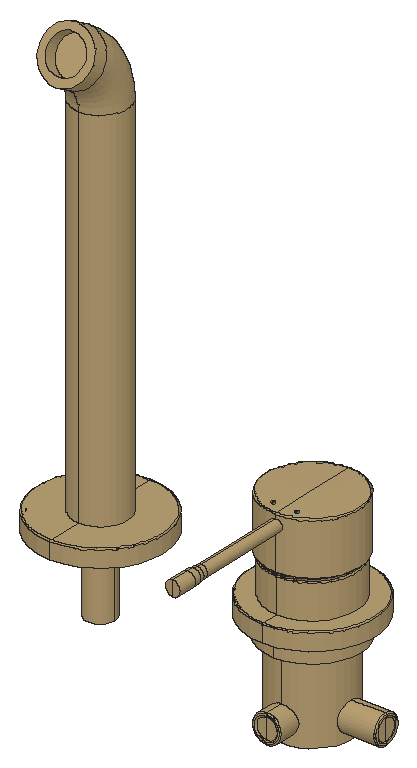
Revit family "Reece_Tap_Grohe_Essence New_Basin Mixer_Set_230mm", category Plumbing Fixtures, host Face, Revit 2018
Family settings
  Host = Face
  Round Connector Dimension = Use Diameter
  Part Type = Normal
  Cut with Voids When Loaded = No
  Shared = Yes
  Room Calculation Point = Yes
Parameters (values of type "Brushed Cool Sunrise")
  WFU = 0  # constant formula
  URL = "https://www.reece.com.au/product/-9509064"
  Type Comments = "Tap"
  Reece_Tap_Reach = 230 mm  # constant formula
  Reece_Tap_Inlet = 12 mm  # constant formula
  Reece_Stand_Baseplate_Radius = 32.5 mm  # constant formula
  Reece_Product_Type = "Tap"  # constant formula
  Reece_Product_Sub Brand = "Essence New"  # constant formula
  Reece_Product_Number = "9509064"
  Reece_Product_Mount = "Wall Mounted"
  Reece_Product_Description = "Grohe Essence New Wall Basin Mixer Tap Set 230mm Brushed Cool Sunrise (5 Star)"
  Reece_Product_Brand = "Grohe"  # constant formula
  Reece_Product_Web Page = "https://www.reece.com.au/product/-9509064"
  Reece_Overall_Width = 175 mm  # constant formula
  Reece_Overall_Projection = 233 mm  # constant formula
  Reece_Material_Tap_Hot = Render_Hot_Water_Cap
  Reece_Material_Tap_Cold = Render_Cold_Water_Cap
  Reece_Material-Main = Reece_Metal_Brushed_Cool Sunrise
  Reece_Detail_Shape = ""
  Reece_Detail_Installation = "Basin Mixer"  # constant formula
  Reece_Detail_Disclaimer = "THIS FILE IS THE PROPERTY OF THE REECE GROUP. IT MAY NOT BE REPRODUCED, REVERSE-ENGINEERED OR MODIFIED. ANY REPUBLICATION, TRANSMISSION OR DISTRIBUTION FOR THE PURPOSE OF COMMERCIALLY EXPLOITING THE FILES IS PROHIBITED."  # constant formula
  Reece_Detail_Connector = ""
  Reece_Detail_Additional = "Wall Mounted"  # constant formula
  Model = "Essence New"
  Manufacturer = "Grohe"
  Keynote = "Product #9509064, Reece_Tap_Grohe_Essence New_Basin Mixer_Set_230mm - Brushed Cool Sunrise"
  HWFU = 0  # constant formula
  Disclaimer = "THIS FILE IS THE PROPERTY OF THE REECE GROUP. IT MAY NOT BE REPRODUCED, REVERSE-ENGINEERED OR MODIFIED. ANY REPUBLICATION, TRANSMISSION OR DISTRIBUTION FOR THE PURPOSE OF COMMERCIALLY EXPLOITING THE FILES IS PROHIBITED."  # constant formula
  Description = "Grohe Essence New Wall Basin Mixer Tap Set 230mm Brushed Cool Sunrise (5 Star)"
  Default Elevation = 1000 mm
  CWFU = 0  # constant formula
Types (5, lengths in mm): name | URL | Reece_Product_Number | Reece_Product_Description | Reece_Product_Web Page | Reece_Material-Main | Keynote | Description
  (no name) | "https://www.reece.com.au/product/-9509064" | "9509064" | "Grohe Essence New Wall Basin Mixer Tap Set 230mm Brushed Cool Sunrise (5 Star)" | "https://www.reece.com.au/product/-9509064" | Reece_Metal_Brushed_Cool Sunrise | "Product #9509064, Reece_Tap_Grohe_Essence New_Basin Mixer_Set_230mm -  " | "Grohe Essence New Wall Basin Mixer Tap Set 230mm Brushed Cool Sunrise (5 Star)"
  Chrome | "https://www.reece.com.au/product/-9506903" | "9506903" | "Grohe Essence New Wall Basin Mixer Tap Set 230mm Chrome (5 Star)" | "https://www.reece.com.au/product/-9506903" | Reece_Brass_Chrome | "Product #9506903, Reece_Tap_Grohe_Essence New_Basin Mixer_Set_230mm - Chrome" | "Grohe Essence New Wall Basin Mixer Tap Set 230mm Chrome (5 Star)"
  Hard Graphite | "https://www.reece.com.au/product/-9509063" | "9509063" | "Grohe Essence New Wall Basin Mixer Tap Set 230mm Hard Graphite (5 Star)" | "https://www.reece.com.au/product/-9509063" | Reece_Metal_Hard Graphite | "Product #9509063, Reece_Tap_Grohe_Essence New_Basin Mixer_Set_230mm - Hard Graphite" | "Grohe Essence New Wall Basin Mixer Tap Set 230mm Hard Graphite (5 Star)"
  Brushed Nickel | "https://www.reece.com.au/product/-9509062" | "9509062" | "Grohe Essence New Wall Basin Mixer Tap Set 230mm Brushed Nickel (5 Star)" | "https://www.reece.com.au/product/-9509062" | Reece_Brass_Brushed Nickel | "Product #9509062, Reece_Tap_Grohe_Essence New_Basin Mixer_Set_230mm - Brushed Nickel" | "Grohe Essence New Wall Basin Mixer Tap Set 230mm Brushed Nickel (5 Star)"
  Brushed Cool Sunrise | "https://www.reece.com.au/product/-9509064" | "9509064" | "Grohe Essence New Wall Basin Mixer Tap Set 230mm Brushed Cool Sunrise (5 Star)" | "https://www.reece.com.au/product/-9509064" | Reece_Metal_Brushed_Cool Sunrise | "Product #9509064, Reece_Tap_Grohe_Essence New_Basin Mixer_Set_230mm - Brushed Cool Sunrise" | "Grohe Essence New Wall Basin Mixer Tap Set 230mm Brushed Cool Sunrise (5 Star)"
Reference planes
  plane 1 "Center (Front/Back)": y = 0
  plane 2: z = 0
  plane 3 "Center (Left/Right)": x = 0
  plane 4: z = 230
  plane 5: x = -55
  plane 6: x = 55
  plane 7: y = -35.7
  plane 8: y = -90.5
  plane 9: x = -87.5
  plane 10: x = 87.5
  plane 11: z = 233
  plane 12: through (0, -16.269, 226.089) normal (0, 0.5, 0.866)
Forms (mm)
  Revolve 1, solid, material "Reece_Metal_Brushed_Cool Sunrise" <- "Reece_Material-Main"
    sketch origin (-55, 0, 23) x (0, 1, 0) y (0, 0, 1)
      loop
        line (12, -14) -> (12, -16) -> (30.456, -16) -> (30.456, -23) -> (32.5, -23) -> (32.5, -14.512)
        arc (32.5, -14.512) -> (32.35, -14.15) -> (31.988, -14) r 0.512
        line (31.988, -14) -> (12, -14)
      axis (0, -14) -> (0, -23)
    angle from 0 to 360
  Sweep 2, solid, material "Reece_Metal_Brushed_Cool Sunrise" <- "Reece_Material-Main"
    path origin (-55, 0, 0) x (0, 1, 0) y (0, 0, 1)
      loop
        line (0, 0) -> (0, 199.948)
        arc (0, 199.948) -> (-4.019, 214.948) -> (-15, 225.929) r 30
        line (-15, 225.929) -> (-22.051, 230)
    profile origin (-55, 0, 99.974) x (0, -1, 0) y (1, 0, 0)
      loop
        circle (0, 0) r 14
      loop
        circle (0, 0) r 10
  Extrusion 3, solid, material "Reece_Metal_Brushed_Cool Sunrise" <- "Reece_Material-Main"
    sketch origin (-55, -20.656, 229.382) x (1, 0, 0) y (0, 0.529919, 0.848048)
      loop
        arc (0, -11) -> (10.997, -0.248) -> (0.495, 10.989) r 11
        arc (0.495, 10.989) -> (-10.997, 0.248) -> (0, -11) r 11
    from -10 to -5.44
  Revolve 4, void
    sketch origin (-55, 0, 39.453) x (0, 1, 0) y (0, 0, 1)
      loop
        line (-20, -39.453) -> (-20, -95.011) -> (0, -95.011) -> (0, -39.453) -> (-20, -39.453)
      axis (0, -39.453) -> (0, -95.011)
    angle from 0 to 360
  Revolve 5, solid, material "Reece_Metal_Brushed_Cool Sunrise" <- "Reece_Material-Main"
    sketch origin (55, 0, 23) x (0, 1, 0) y (0, 0, -1)
      loop
        line (12, 14) -> (31.988, 14)
        arc (31.988, 14) -> (32.35, 14.15) -> (32.5, 14.512) r 0.512
        line (32.5, 14.512) -> (32.5, 23) -> (30.456, 23) -> (30.456, 16) -> (12, 16) -> (12, 14)
      axis (0, 14) -> (0, 23)
    angle from 0 to 360
  Revolve 6, void
    sketch origin (55, 0, 39.453) x (0, 1, 0) y (0, 0, -1)
      loop
        line (-25, 39.453) -> (0, 39.453) -> (0, 96.191) -> (-25, 96.191) -> (-25, 39.453)
      axis (0, 39.453) -> (0, 96.191)
    angle from 0 to 360
  Revolve 7, solid, material "Reece_Metal_Brushed_Cool Sunrise" <- "Reece_Material-Main"
    sketch origin (55, -2.334, -116) x (0, 1, 0) y (0, 0, 1)
      loop
        arc (2.5, 173) -> (-9.308, 172.91) -> (-21.109, 172.514) r 455.117
        arc (-21.109, 172.514) -> (-21.504, 172.334) -> (-21.666, 171.931) r 0.584
        line (-21.666, 171.931) -> (-21.666, 145.342) -> (-20.068, 145.342) -> (-20.166, 146.19) -> (-20.166, 149.9) -> (2.5, 149.9) -> (2.5, 173)
      axis (2.5, 173) -> (2.5, 145.342)
    angle from 0 to 360
  Revolve 8, solid, material "Reece_Metal_Brushed_Cool Sunrise" <- "Reece_Material-Main"
    sketch origin (55, -276.273, 243.721) x (0, -0.990268, -0.139173) y (0, 0.139173, -0.990268)
      loop
        arc (-166.132, 222.142) -> (-167.895, 222.331) -> (-169.667, 222.404) r 27.035
        line (-169.667, 222.404) -> (-172.075, 222.424)
        arc (-172.075, 222.424) -> (-173.404, 222.479) -> (-174.726, 222.621) r 20.282
        line (-174.726, 222.621) -> (-225.984, 229.825) -> (-226.423, 226.698) -> (-157.108, 216.956) -> (-156.568, 220.798) -> (-166.132, 222.142)
      axis (-157.108, 216.956) -> (-226.423, 226.698)
    angle from 0 to 360
  Revolve 9, solid, material "Render_Hot_Water_Cap" <- "Reece_Material_Tap_Hot"
    sketch origin (48.869, -97.842, 42.485) x (0, 0.053171, -0.998585) y (0, -0.998585, -0.053171)
      loop
        line (-9.096, -80.7) -> (-10.011, -80.7) -> (-10.011, -81.5) -> (-9.096, -81.5) -> (-9.096, -80.7)
      axis (-9.096, -80.7) -> (-10.096, -80.7)
    angle from 0 to 360
  Revolve 10, solid, material "Render_Cold_Water_Cap" <- "Reece_Material_Tap_Cold"
    sketch origin (61.131, -97.842, 42.485) x (0, 0.053171, -0.998585) y (0, 0.998585, 0.053171)
      loop
        line (-9.096, 80.7) -> (-9.096, 81.5) -> (-10.011, 81.5) -> (-10.011, 80.7) -> (-9.096, 80.7)
      axis (-9.096, 80.7) -> (-10.096, 80.7)
    angle from 0 to 360
  Revolve 11, solid, material "Reece_Metal_Brushed_Cool Sunrise" <- "Reece_Material-Main"
    sketch origin (55, 0, -2.659) x (0, 1, 0) y (0, 0, 1)
      loop
        line (-21.5, 7) -> (0, 7) -> (0, 35.659) -> (-15.05, 35.659) -> (-15.05, 39.49)
        arc (-15.05, 39.49) -> (-19.066, 35.246) -> (-22.489, 30.511) r 44.331
        arc (-22.489, 30.511) -> (-22.519, 30.098) -> (-22.196, 29.842) r 0.442
        line (-22.196, 29.842) -> (-21.215, 29.659) -> (-22.476, 29.659)
        arc (-22.476, 29.659) -> (-22.846, 29.506) -> (-23, 29.135) r 0.524
        line (-23, 29.135) -> (-23, 4.5) -> (-21.5, 4.5) -> (-21.5, 7)
      axis (0, 39.49) -> (0, 4.5)
    angle from 0 to 360
  Revolve 12, solid, material "Reece_Metal_Brushed_Cool Sunrise" <- "Reece_Material-Main"
    sketch origin (0, 0, 0) x (1, 0, 0) y (0, 0, 1)
      loop
        line (-69, 0) -> (-69, -4.147)
        arc (-69, -4.147) -> (-68.567, -5.192) -> (-67.522, -5.625) r 1.478
        line (-67.522, -5.625) -> (-62.5, -5.625) -> (-62.5, -40.018) -> (-55, -40.018) -> (-55, 0) -> (-69, 0)
      axis (-55, 0) -> (-55, -40.018)
    angle from 0 to 360
  Revolve 13, solid, material "Reece_Metal_Brushed_Cool Sunrise" <- "Reece_Material-Main"
    sketch origin (55, 118.077, 1219.2) x (0, 1, 0) y (0, 0, 1)
      loop
        line (-118.077, -1219.2) -> (-143.077, -1219.2) -> (-143.077, -1229.2) -> (-138.077, -1229.2) -> (-138.077, -1271.2) -> (-118.077, -1271.2) -> (-118.077, -1219.2)
      axis (-118.077, -1271.2) -> (-118.077, -1219.2)
    angle from 0 to 360
  Revolve 14, solid, material "Reece_Metal_Brushed_Cool Sunrise" <- "Reece_Material-Main"
    sketch origin (55, 0, -15) x (1, 0, 0) y (0, 0, 1)
      loop
        line (0, -26) -> (37.912, -26) -> (37.912, -20.608) -> (38.5, -20.019) -> (38.5, -19.088) -> (37.912, -18.5) -> (0, -18.5) -> (0, -26)
      axis (0, -26) -> (38.5, -26)
    angle from 0 to 360
  Revolve 15, solid, material "Reece_Metal_Brushed_Cool Sunrise" <- "Reece_Material-Main"
    sketch origin (55, -118.125, 1209.067) x (0, -1, 0) y (0, 0, -1)
      loop
        line (-118.077, 1250.2) -> (-118.077, 1242.7) -> (-88.666, 1242.7) -> (-88.077, 1243.288) -> (-88.077, 1244.219) -> (-88.666, 1244.808) -> (-88.666, 1250.2) -> (-118.077, 1250.2)
      axis (-118.077, 1250.2) -> (-88.077, 1250.2)
    angle from 0 to 360
Cuts and joins
  Revolve 6 cuts Sweep 2
  joined: Revolve 1, Sweep 2, Extrusion 3, Revolve 5, Revolve 7, Revolve 8, Revolve 11
  joined: Revolve 12, Revolve 13, Revolve 14, Revolve 15
Text (mm)
  text "Reece Copyright © 2018, Reece Ltd." at (-417.6, -291.306, 0), in view "Ref. Level"
  text "Reece ©" at (-7.653, 198.338, 183.77), in view "Reece Preview"
Dimensions and locks
  "Reece_Tap_Reach": plane 4 to host face
  plane 5 to plane 3 "Center (Left/Right)" = 55 mm
  "Reece_Stand_Baseplate_Radius": Revolve 1 sketch curve to Revolve 1 sketch curve
  Revolve 4 sketch curve to Revolve 4 sketch curve = 20 mm
  "Reece_Stand_Baseplate_Radius": Revolve 5 sketch curve to Revolve 5 sketch curve
  Revolve 6 sketch curve to Revolve 6 sketch curve = 25 mm
  locked: plane 7 to plane 8 at 54.8
  plane 5 to plane 6 = 110 mm
  "Reece_Overall_Width": plane 9 to plane 10
  "Reece_Overall_Projection": plane 11 to level
  angle plane 4 to plane 12 = 30.00°
  aligned and locked: plane 2 to host face
  aligned and locked: level to host face
  aligned and locked: Revolve 4 sketch curve to Revolve 4 sketch curve
  aligned and locked: Revolve 6 sketch curve to Revolve 6 sketch curve
  aligned and locked: Revolve 7 sketch curve to Revolve 7 sketch curve
Automatic sketch dimensions
  host sketch curve to host sketch curve = 481.758 mm
  host sketch curve to host sketch curve = 479.681 mm
  Sweep 2 sketch curve to plane 4 = 0 mm
  Sweep 2 sketch curve to plane 1 "Center (Front/Back)" = 0 mm
  Sweep 2 sketch curve to level = 0 mm
  Sweep 2 sketch curve to plane 4 = 4.071 mm
  plane 1 "Center (Front/Back)" to Sweep 2 sketch curve = 15 mm
  plane 1 "Center (Front/Back)" to Sweep 2 sketch curve = 30 mm
  Sweep 2 sketch curve to Sweep 2 sketch curve = 7.051 mm
  Sweep 2 sketch curve to Sweep 2 sketch curve = 0 mm  (x2)
  Sweep 2 sketch curve to profile plane = 0 mm  (x2)
  Revolve 4 sketch curve to level = 0 mm
  Revolve 4 sketch curve to plane 1 "Center (Front/Back)" = 0 mm
  Revolve 4 sketch curve to Revolve 4 sketch curve = 55.557 mm
  Revolve 4 sketch curve to Revolve 4 sketch curve = 245.799 mm
  plane 4 to Revolve 4 sketch curve = 1953.707 mm
  plane 1 "Center (Front/Back)" to Revolve 7 sketch curve = 24 mm
  Revolve 7 sketch curve to Revolve 7 sketch curve = 0.584 mm
  Revolve 7 sketch curve to Revolve 7 sketch curve = 1.5 mm
  Revolve 7 sketch curve to Revolve 7 sketch curve = 0.098 mm
  plane 1 "Center (Front/Back)" to Revolve 7 sketch curve = 2.279 mm
  Revolve 7 sketch curve to plane 1 "Center (Front/Back)" = 0.166 mm
  Revolve 7 sketch curve to level = 398.11 mm
  level to Revolve 7 sketch curve = 29.342 mm
  Revolve 7 sketch curve to Revolve 7 sketch curve = 0.848 mm
  Revolve 7 sketch curve to Revolve 7 sketch curve = 3.71 mm
  Revolve 7 sketch curve to Revolve 7 sketch curve = 22.031 mm
  Revolve 7 sketch curve to Revolve 7 sketch curve = 23.1 mm
  Revolve 7 sketch curve to Revolve 7 sketch curve = 58.7 mm
  plane 4 to Revolve 7 sketch curve = 2013.364 mm
  Revolve 8 sketch curve to plane 8 = 0 mm  (x2)
  plane 7 to Revolve 8 sketch curve = 15.196 mm
  level to Revolve 8 sketch curve = 50.742 mm
  Revolve 8 sketch curve to Revolve 8 sketch curve = 0.439 mm
  Revolve 8 sketch curve to Revolve 8 sketch curve = 17.619 mm
  Revolve 8 sketch curve to Revolve 8 sketch curve = 2.652 mm
  Revolve 8 sketch curve to Revolve 8 sketch curve = 2.823 mm
  Revolve 8 sketch curve to Revolve 8 sketch curve = 12.787 mm
  Revolve 8 sketch curve to Revolve 8 sketch curve = 2.408 mm
  Revolve 8 sketch curve to Revolve 8 sketch curve = 8.117 mm
  Revolve 8 sketch curve to Revolve 8 sketch curve = 82.121 mm
  Revolve 8 sketch curve to Revolve 8 sketch curve = 11.541 mm
  Revolve 8 sketch curve to Revolve 8 sketch curve = 1.141 mm
  plane 1 "Center (Front/Back)" to Revolve 9 sketch curve = 16.989 mm
  level to Revolve 9 sketch curve = 56.815 mm
  Revolve 9 sketch curve to Revolve 9 sketch curve = 0.915 mm
  Revolve 9 sketch curve to Revolve 9 sketch curve = 0.8 mm
  Revolve 9 sketch curve to Revolve 9 sketch curve = 5.008 mm
  Revolve 9 sketch curve to Revolve 9 sketch curve = 6.185 mm
  Revolve 9 sketch curve to Revolve 9 sketch curve = 0 mm
  plane 1 "Center (Front/Back)" to Revolve 10 sketch curve = 16.989 mm
  level to Revolve 10 sketch curve = 56.815 mm
  Revolve 10 sketch curve to Revolve 10 sketch curve = 0.915 mm
  Revolve 10 sketch curve to Revolve 10 sketch curve = 0.8 mm
  Revolve 10 sketch curve to Revolve 10 sketch curve = 5.008 mm
  Revolve 10 sketch curve to Revolve 10 sketch curve = 6.185 mm
  Revolve 10 sketch curve to Revolve 10 sketch curve = 0 mm
  Revolve 11 sketch curve to plane 1 "Center (Front/Back)" = 0 mm  (x2)
  plane 1 "Center (Front/Back)" to Revolve 11 sketch curve = 15.05 mm
  Revolve 11 sketch curve to Revolve 11 sketch curve = 6.165 mm
  level to Revolve 11 sketch curve = 4.341 mm
  plane 1 "Center (Front/Back)" to Revolve 11 sketch curve = 21.5 mm
  Revolve 11 sketch curve to Revolve 11 sketch curve = 0.9 mm
  Revolve 11 sketch curve to Revolve 11 sketch curve = 0.081 mm
  Revolve 11 sketch curve to Revolve 11 sketch curve = 0.28 mm
  Revolve 11 sketch curve to Revolve 11 sketch curve = 1.5 mm
  level to Revolve 11 sketch curve = 4.304 mm
  Revolve 11 sketch curve to plane 1 "Center (Front/Back)" = 15.071 mm
  level to Revolve 11 sketch curve = 1.841 mm
  Revolve 11 sketch curve to Revolve 11 sketch curve = 22.135 mm
  Revolve 11 sketch curve to Revolve 11 sketch curve = 0 mm
  Revolve 11 sketch curve to Revolve 11 sketch curve = 0.182 mm
  Revolve 11 sketch curve to Revolve 11 sketch curve = 6 mm
  Revolve 11 sketch curve to Revolve 11 sketch curve = 3.83 mm
  Revolve 11 sketch curve to level = 343.469 mm
  plane 4 to Revolve 11 sketch curve = 2177.711 mm
  Revolve 6 sketch curve to level = 0 mm
  Revolve 6 sketch curve to plane 1 "Center (Front/Back)" = 0 mm
  Revolve 6 sketch curve to level = 56.738 mm
  plane 4 to Revolve 6 sketch curve = 1953.707 mm
  Revolve 6 sketch curve to Revolve 6 sketch curve = 244.619 mm
  Revolve 12 sketch curve to level = 0 mm
  Revolve 12 sketch curve to plane 5 = 0 mm  (x2)
  Revolve 12 sketch curve to plane 5 = 7.5 mm
  Revolve 12 sketch curve to Revolve 12 sketch curve = 5.022 mm
  Revolve 12 sketch curve to Revolve 12 sketch curve = 1.478 mm
  Revolve 12 sketch curve to level = 4.147 mm
  Revolve 12 sketch curve to Revolve 12 sketch curve = 34.393 mm
  Revolve 12 sketch curve to Revolve 12 sketch curve = 20.815 mm
  Revolve 12 sketch curve to Revolve 12 sketch curve = 16.573 mm
  Revolve 13 sketch curve to level = 0 mm
  Revolve 13 sketch curve to plane 1 "Center (Front/Back)" = 0 mm  (x2)
  plane 1 "Center (Front/Back)" to Revolve 13 sketch curve = 20 mm
  Revolve 13 sketch curve to Revolve 13 sketch curve = 5 mm
  Revolve 13 sketch curve to Revolve 13 sketch curve = 10 mm
  Revolve 13 sketch curve to Revolve 13 sketch curve = 42 mm
  Revolve 13 sketch curve to Revolve 13 sketch curve = 38 mm
  level to Revolve 13 sketch curve = 90.071 mm
  plane 6 to Revolve 14 sketch curve = 0 mm  (x2)
  Revolve 14 sketch curve to plane 6 = 37.912 mm
  Revolve 14 sketch curve to Revolve 14 sketch curve = 0 mm  (x2)
  Revolve 14 sketch curve to Revolve 14 sketch curve = 0.588 mm  (x2)
  Revolve 14 sketch curve to level = 41 mm
  Revolve 14 sketch curve to Revolve 14 sketch curve = 5.392 mm
  Revolve 14 sketch curve to Revolve 14 sketch curve = 0.931 mm
  Revolve 14 sketch curve to Revolve 14 sketch curve = 7.5 mm
  Revolve 14 sketch curve to Revolve 14 sketch curve = 12 mm
  plane 1 "Center (Front/Back)" to Revolve 15 sketch curve = 0.047 mm
  Revolve 15 sketch curve to Revolve 15 sketch curve = 29.412 mm
  Revolve 15 sketch curve to Revolve 15 sketch curve = 0 mm  (x3)
  Revolve 15 sketch curve to Revolve 15 sketch curve = 0.588 mm  (x3)
  Revolve 15 sketch curve to level = 33.633 mm
  Revolve 15 sketch curve to Revolve 15 sketch curve = 0.931 mm
  Revolve 15 sketch curve to Revolve 15 sketch curve = 7.5 mm
  Revolve 15 sketch curve to Revolve 15 sketch curve = 3.5 mm
  Extrusion 3 sketch curve to plane 5 = 0 mm
  Extrusion 3 sketch curve to Extrusion 3 sketch curve = 11 mm
  plane 5 to Extrusion 3 sketch curve = 0.495 mm
  Extrusion 3 sketch curve to Extrusion 3 sketch curve = 0 mm
  Revolve 1 sketch curve to plane 1 "Center (Front/Back)" = 0 mm
  Revolve 1 sketch curve to level = 0 mm
  Revolve 1 sketch curve to plane 1 "Center (Front/Back)" = 12 mm
  Revolve 1 sketch curve to Revolve 1 sketch curve = 2.044 mm
  Revolve 1 sketch curve to Revolve 1 sketch curve = 0.512 mm
  level to Revolve 1 sketch curve = 7 mm
  Revolve 1 sketch curve to Revolve 1 sketch curve = 1.488 mm
  Revolve 1 sketch curve to level = 317.81 mm
  plane 11 to Revolve 1 sketch curve = 524.796 mm
  Revolve 5 sketch curve to plane 1 "Center (Front/Back)" = 0 mm
  Revolve 5 sketch curve to level = 0 mm
  Revolve 5 sketch curve to plane 1 "Center (Front/Back)" = 12 mm
  Revolve 5 sketch curve to Revolve 5 sketch curve = 2.044 mm
  Revolve 5 sketch curve to Revolve 5 sketch curve = 0.512 mm
  level to Revolve 5 sketch curve = 7 mm
  Revolve 5 sketch curve to Revolve 5 sketch curve = 1.488 mm
  plane 11 to Revolve 5 sketch curve = 524.796 mm
  Revolve 5 sketch curve to level = 317.81 mm
  radius of Sweep 2 sketch curve = 14 mm
  radius of Sweep 2 sketch curve = 10 mm
Connectors
  piping at (-55, 0, -40.018), diameter 12, driven by "Reece_Tap_Inlet"
    settings: on cut or joined group of Revolve 12, Revolve 13, Revolve 14, Revolve 15, index 1, connector inside diameter 609.6 mm, connector length 0 mm, flow factor 0, pipe flow 0.0 L/s, pressure drop 0.0 Pa, fitting loss kfactor 0, connector angle 0.00°, fixture units 0, engagement length 0 mm, angle of deflection 0.00°, flow configuration 0, flow direction 1, fitting loss method 0, system type 29, joint type 0, gender type 0, connector reference index -1, connector utility 0, adjustable connector no, is connector primary yes, connector description ""
  piping at (92.912, 0, -41), diameter 12, driven by "Reece_Tap_Inlet"
    settings: on cut or joined group of Revolve 12, Revolve 13, Revolve 14, Revolve 15, index 2, connector inside diameter 609.6 mm, connector length 0 mm, flow factor 0, pipe flow 0.0 L/s, pressure drop 0.0 Pa, fitting loss kfactor 0, connector angle 0.00°, fixture units 0, engagement length 0 mm, angle of deflection 0.00°, flow configuration 0, flow direction 1, fitting loss method 0, system type 29, joint type 0, gender type 0, connector reference index -1, connector utility 0, adjustable connector no, is connector primary no, connector description ""
  piping at (55, -29.459, -41.133), diameter 12, driven by "Reece_Tap_Inlet"
    settings: on cut or joined group of Revolve 12, Revolve 13, Revolve 14, Revolve 15, index 3, connector inside diameter 609.6 mm, connector length 0 mm, flow factor 0, pipe flow 0.0 L/s, pressure drop 0.0 Pa, fitting loss kfactor 0, connector angle 0.00°, fixture units 0, engagement length 0 mm, angle of deflection 0.00°, flow configuration 0, flow direction 2, fitting loss method 0, system type 29, joint type 0, gender type 0, connector reference index -1, connector utility 0, adjustable connector no, is connector primary no, connector description ""
